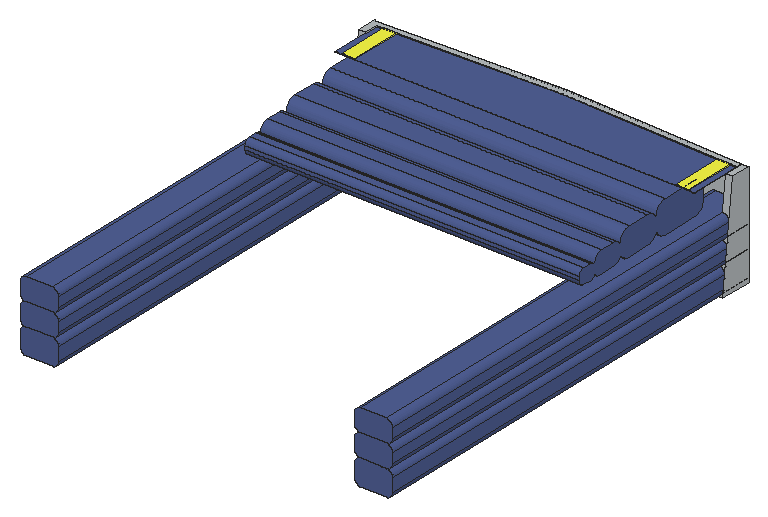
Revit family "DockEquipment_DockSeal_SuperSeal_V", category Generic Models, Revit 2011
Parameters
  offset [instance] = 0' - 10 3/4"
  Warranty Duration (Years) = 0
  Unit Width [instance] = Clear Width + (Bumper Width * 2)  # 9' - 4"
  Unit Height [instance] = Clear Height + 1' 8"  # 11' - 8"
  Unit Depth = if(Bags = 1, Depth1, if(Bags = 2, Depth1 + Depth2, Depth1 + Depth2 + Depth3))  # 1' - 10"
  URL = "http://www.supersealmfg.com/"
  Specification = ""
  SpecWizard = ""
  Send Message = "http://www.arcat.com/users.pl?action=UserEmail&company=Super-Seal%20Mfg.%20Ltd&coid=44693&rep=119&fax=905-850-4440 &mf="
  Sales Information = "http://www.supersealmfg.com/ContactUs.htm"
  Revision = "R1_07-2011"
  Product Properties = ""
  Product Data = "http://arcat.com/arcatcos/cos44/arc44693.html?isac=1&r=1"
  Hood Material = Metal - Steel - Super Seal - Galvanized
  Depth3 = 0' - 7"  # constant formula
  Depth2 = if(Bags = 2, 0' 9", 0' 7")  # 0' - 7"
  Depth1 = if(Bags = 1, 1' 2", if(Bags = 2, 0' 9", 0' 8"))  # 0' - 8"
  Bumper Width = 0' - 8"
  Model = "As Specified"
  Material = Plastic - Vinyl - Super Seal - Blue
  Manufacturer Website = "http://www.supersealmfg.com/"
  Manufacturer Phone - Toll Free = "800-337-3239 "
  Manufacturer Phone = "800-337-3239 "
  Manufacturer Fax = "905-850-4440 "
  Manufacturer Address = "670 Rowntree Dairy Rd. Woodbridge , ON, Canada L4L-5T8"
  Manufacturer = "Super-Seal Mfg. Ltd"
  Maintenance Schedule (Months) = 0
  Keynote = ""
  Installation-Fabrication = ""
  Installation Phase = ""
  Green Building-LEED = ""
  Expected Lifespan (Years) = 0
  Drawn By = "Sumex Design, Inc. / Robert S. Weygant, CSI, CDT, SCIP"
  Description = "Super Seal"
  Default Elevation = 4' - 0"
  Copyright = "©Arcat Inc."
  Construction Details = "http://arcat.com/details/supersea/supersea.html?coid=44693"
  Clear Width [instance] = 8' - 0"
  Clear Height [instance] = 10' - 0"
  Bags = 3
  Assembly Code = ""
  3rd Bumper = Bags > 2  # yes
  2nd Bumper = Bags > 1  # yes
Reference planes (in)
  plane 1 "Center (Front/Back)": y = 0
  plane 2 "Bottom": z = 0
  plane 3 "Center (Left/Right)": x = 0
  plane 4 "Front": y = -64
  plane 5 "Left": x = -56
  plane 6 "Right": x = 56
  plane 7 "Top": z = 22
  plane 8: x = -48
  plane 9: x = 48
  plane 10: y = 56
  plane 11: y = 64
  plane 12: z = 8
  plane 13: z = 15
  plane 14: z = 22
  plane 15: z = 32
  plane 16: y = 46
  plane 17: y = 32
  plane 18: y = 22
  plane 19: x = -52
  plane 20: x = 52
  plane 21: y = 74
  plane 22: y = 76
  plane 23: y = 16
Forms (in)
  Sweep 1, solid, material "Plastic - Vinyl - Super Seal - Blue" <- "Material"
    path origin (0, 0, 0) x (1, 0, 0) y (0, 1, 0)
      loop
        line (-48, -64) -> (-48, 74)
    profile origin (-48, 5, 0) x (-1, 0, 0) y (0, 0, 1)
      loop
        arc (-2, 2) -> (-1.41421, 0.58579) -> (0, 0) r 2
        line (0, 0) -> (8, 0)
        arc (8, 0) -> (9.41421, 0.58579) -> (10, 2) r 2
        line (10, 2) -> (10, 6)
        arc (10, 6) -> (9.41421, 7.41421) -> (8, 8) r 2
        line (8, 8) -> (0, 8)
        arc (0, 8) -> (-1.41421, 7.41421) -> (-2, 6) r 2
        line (-2, 6) -> (-2, 2)
  Sweep 2, solid, material "Plastic - Vinyl - Super Seal - Blue" <- "Material", visible <- "2nd Bumper"
    path origin (0, 0, 0) x (1, 0, 0) y (0, 1, 0)
      loop
        line (-48, -64) -> (-48, 74)
    profile origin (-48, 5, 0) x (-1, 0, 0) y (0, 0, 1)
      loop
        arc (-2, 10) -> (-1.41421, 8.58579) -> (0, 8) r 2
        line (0, 8) -> (8, 8)
        arc (8, 8) -> (9.41421, 8.58579) -> (10, 10) r 2
        line (10, 10) -> (10, 13)
        arc (10, 13) -> (9.41421, 14.41421) -> (8, 15) r 2
        line (8, 15) -> (0, 15)
        arc (0, 15) -> (-1.41421, 14.41421) -> (-2, 13) r 2
        line (-2, 13) -> (-2, 10)
  Sweep 3, solid, material "Plastic - Vinyl - Super Seal - Blue" <- "Material", visible <- "3rd Bumper"
    path origin (0, 0, 0) x (1, 0, 0) y (0, 1, 0)
      loop
        line (-48, -64) -> (-48, 74)
    profile origin (-48, 5, 0) x (-1, 0, 0) y (0, 0, 1)
      loop
        arc (-2, 17) -> (-1.41421, 15.58579) -> (0, 15) r 2
        line (0, 15) -> (8, 15)
        arc (8, 15) -> (9.41421, 15.58579) -> (10, 17) r 2
        line (10, 17) -> (10, 20)
        arc (10, 20) -> (9.41421, 21.41421) -> (8, 22) r 2
        line (8, 22) -> (0, 22)
        arc (0, 22) -> (-1.41421, 21.41421) -> (-2, 20) r 2
        line (-2, 20) -> (-2, 17)
  Sweep 4, solid, material "Plastic - Vinyl - Super Seal - Blue" <- "Material"
    path origin (0, 0, 0) x (-1, 0, 0) y (0, 1, 0)
      loop
        line (-48, -64) -> (-48, 74)
    profile origin (48, 5, 0) x (-1, 0, 0) y (0, 0, 1)
      loop
        line (2, 2) -> (2, 6)
        arc (2, 6) -> (1.41421, 7.41421) -> (0, 8) r 2
        line (0, 8) -> (-8, 8)
        arc (-8, 8) -> (-9.41421, 7.41421) -> (-10, 6) r 2
        line (-10, 6) -> (-10, 2)
        arc (-10, 2) -> (-9.41421, 0.58579) -> (-8, 0) r 2
        line (-8, 0) -> (0, 0)
        arc (0, 0) -> (1.41421, 0.58579) -> (2, 2) r 2
  Sweep 5, solid, material "Plastic - Vinyl - Super Seal - Blue" <- "Material", visible <- "2nd Bumper"
    path origin (0, 0, 0) x (-1, 0, 0) y (0, 1, 0)
      loop
        line (-48, -64) -> (-48, 74)
    profile origin (48, 5, 0) x (-1, 0, 0) y (0, 0, 1)
      loop
        line (2, 10) -> (2, 13)
        arc (2, 13) -> (1.41421, 14.41421) -> (0, 15) r 2
        line (0, 15) -> (-8, 15)
        arc (-8, 15) -> (-9.41421, 14.41421) -> (-10, 13) r 2
        line (-10, 13) -> (-10, 10)
        arc (-10, 10) -> (-9.41421, 8.58579) -> (-8, 8) r 2
        line (-8, 8) -> (0, 8)
        arc (0, 8) -> (1.41421, 8.58579) -> (2, 10) r 2
  Sweep 6, solid, material "Plastic - Vinyl - Super Seal - Blue" <- "Material", visible <- "3rd Bumper"
    path origin (0, 0, 0) x (-1, 0, 0) y (0, 1, 0)
      loop
        line (-48, -64) -> (-48, 74)
    profile origin (48, 5, 0) x (-1, 0, 0) y (0, 0, 1)
      loop
        line (2, 17) -> (2, 20)
        arc (2, 20) -> (1.41421, 21.41421) -> (0, 22) r 2
        line (0, 22) -> (-8, 22)
        arc (-8, 22) -> (-9.41421, 21.41421) -> (-10, 20) r 2
        line (-10, 20) -> (-10, 17)
        arc (-10, 17) -> (-9.41421, 15.58579) -> (-8, 15) r 2
        line (-8, 15) -> (0, 15)
        arc (0, 15) -> (1.41421, 15.58579) -> (2, 17) r 2
  Extrusion 7, solid, material "Plastic - Vinyl - Super Seal - Blue" <- "Material"
    sketch origin (-52, 89.32405, 48) x (0, 1, 0) y (0, 0, 1)
      loop
        line (-28.69905, -16) -> (-39.94905, -16)
        arc (-39.94905, -16) -> (-42.33554, -16.98851) -> (-43.32405, -19.375) r 3.375
        line (-43.32405, -19.375) -> (-43.32405, -20.875)
        arc (-43.32405, -20.875) -> (-44.31256, -18.48851) -> (-46.69905, -17.5) r 3.375
        line (-46.69905, -17.5) -> (-53.94905, -17.5)
        arc (-53.94905, -17.5) -> (-56.33554, -18.48851) -> (-57.32405, -20.875) r 3.375
        line (-57.32405, -20.875) -> (-57.32405, -22.25)
        arc (-57.32405, -22.25) -> (-58.12951, -20.30546) -> (-60.07405, -19.5) r 2.75
        line (-60.07405, -19.5) -> (-64.57405, -19.5)
        arc (-64.57405, -19.5) -> (-66.51859, -20.30546) -> (-67.32405, -22.25) r 2.75
        line (-67.32405, -22.25) -> (-67.32405, -23.25)
        arc (-67.32405, -23.25) -> (-67.83661, -22.01256) -> (-69.07405, -21.5) r 1.75
        line (-69.07405, -21.5) -> (-71.57405, -21.5)
        arc (-71.57405, -21.5) -> (-72.81149, -22.01256) -> (-73.32405, -23.25) r 1.75
        line (-73.32405, -23.25) -> (-73.32405, -24.25)
        arc (-73.32405, -24.25) -> (-72.81149, -25.48744) -> (-71.57405, -26) r 1.75
        line (-71.57405, -26) -> (-69.07405, -26)
        arc (-69.07405, -26) -> (-67.83661, -25.48744) -> (-67.32405, -24.25) r 1.75
        arc (-67.32405, -24.25) -> (-66.81149, -25.48744) -> (-65.57405, -26) r 1.75
        line (-65.57405, -26) -> (-60.07405, -26)
        arc (-60.07405, -26) -> (-58.12951, -25.19454) -> (-57.32405, -23.25) r 2.75
        arc (-57.32405, -23.25) -> (-56.51859, -25.19454) -> (-54.57405, -26) r 2.75
        line (-54.57405, -26) -> (-46.69905, -26)
        arc (-46.69905, -26) -> (-44.31256, -25.01149) -> (-43.32405, -22.625) r 3.375
        arc (-43.32405, -22.625) -> (-42.33554, -25.01149) -> (-39.94905, -26) r 3.375
        line (-39.94905, -26) -> (-28.69905, -26)
        arc (-28.69905, -26) -> (-26.31256, -25.01149) -> (-25.32405, -22.625) r 3.375
        line (-25.32405, -22.625) -> (-25.32405, -19.375)
        arc (-25.32405, -19.375) -> (-26.31256, -16.98851) -> (-28.69905, -16) r 3.375
    from 0 to 104
  Sweep 8, solid, material "Metal - Steel - Super Seal - Galvanized" <- "Hood Material"
    path origin (0, 0, 0) x (1, 0, 0) y (0, 1, 0)
      loop
        line (-58, 74) -> (0, 76) -> (58, 74)
    profile origin (-29, 75, 0) x (-0.034462, 0.999406, 0) y (0, 0, 1)
      loop
        line (0, 0) -> (0, 32.25) -> (-2, 32.25) -> (-2, 32.125) -> (-0.125, 32.125) -> (-0.125, 0) -> (0, 0)
  Extrusion 9, solid, material "Metal - Steel - Super Seal - Galvanized" <- "Hood Material"
    sketch origin (-56, 16.34522, 48) x (0, 1, 0) y (0, 0, 1)
      loop
        line (47.65478, -48) -> (57.65478, -48) -> (57.65478, -15.75) -> (51.65478, -15.75) -> (47.65478, -48)
    from -2.125 to 0
  Extrusion 10, solid, material "Metal - Steel - Super Seal - Galvanized" <- "Hood Material"
    sketch origin (56, 16.34522, 48) x (0, 1, 0) y (0, 0, 1)
      loop
        line (47.65478, -48) -> (57.65478, -48) -> (57.65478, -15.75) -> (51.65478, -15.75) -> (47.65478, -48)
    from 0 to 2.125
  Extrusion 11, solid, material "Plastic - Vinyl - Super Seal - Blue" <- "Material"
    sketch origin (0, 90.99678, 32) x (0, 1, 0) y (-1, 0, 0)
      loop
        line (-34.99678, 56) -> (-34.99678, -56) -> (-17.12184, -56) -> (-15.12184, 0) -> (-17.12184, 56) -> (-34.99678, 56)
    from 0 to 0.125
  Sweep 12, solid, material "Plastic - Vinyl - Super Seal - Yellow"
    path origin (0, 90.99678, 32) x (0, 1, 0) y (-1, 0, 0)
      loop
        line (-34.99678, 52) -> (-18.69328, 52)
    profile origin (-52, 64.15175, 32) x (-1, 0, 0) y (0, 0, 1)
      loop
        line (2, 0.125) -> (2, 0.25) -> (-2, 0.25) -> (-2, 0.125) -> (2, 0.125)
  Sweep 13, solid, material "Plastic - Vinyl - Super Seal - Yellow"
    path origin (0, 90.99678, 32) x (0, 1, 0) y (-1, 0, 0)
      loop
        line (-34.99678, -52) -> (-18.69328, -52)
    profile origin (52, 64.15175, 32) x (-1, 0, 0) y (0, 0, 1)
      loop
        line (-2, 0.125) -> (2, 0.125) -> (2, 0.25) -> (-2, 0.25) -> (-2, 0.125)
Cuts and joins
  joined: Sweep 8, Extrusion 9, Extrusion 10
Dimensions and locks (in)
  equal spacing: plane 5 "Left", plane 3 "Center (Left/Right)", plane 6 "Right"
  "Unit Width": plane 5 "Left" to plane 6 "Right"
  equal spacing: plane 11, plane 1 "Center (Front/Back)", plane 4 "Front"
  "Unit Depth": plane 7 "Top" to level
  equal spacing: plane 8, plane 3 "Center (Left/Right)", plane 9
  "Clear Width": plane 8 to plane 9
  "Clear Height": plane 10 to plane 4 "Front"
  "Unit Height": plane 22 to plane 4 "Front"
  "Depth1": plane 12 to level
  "Depth2": plane 13 to plane 12
  "Depth3": plane 14 to plane 13
  locked: plane 15 to plane 7 "Top" at 10
  equal spacing: plane 9, plane 20, plane 6 "Right"
  equal spacing: plane 5 "Left", plane 19, plane 8
  locked: plane 11 to plane 16 at 18
  locked: plane 17 to plane 16 at 14
  locked: plane 18 to plane 17 at 10
  locked: plane 21 to plane 11 at 10
  locked: plane 22 to plane 21 at 2
  locked: Sweep 8 sketch curve to plane 15 at 0.25
  locked: Sweep 8 sketch curve to plane 15 at 0.125
  locked: plane 18 to plane 23 at 6
  locked: Sweep 3 sketch curve to plane 8 at 2
  locked: plane 5 "Left" to Sweep 3 sketch curve at 2
  locked: Sweep 2 sketch curve to plane 8 at 2
  locked: plane 5 "Left" to Sweep 2 sketch curve at 2
  locked: Sweep 1 sketch curve to plane 8 at 2
  locked: plane 5 "Left" to Sweep 1 sketch curve at 2
  locked: plane 9 to Sweep 6 sketch curve at 2
  locked: Sweep 6 sketch curve to plane 6 "Right" at 2
  locked: Sweep 5 sketch curve to plane 6 "Right" at 2
  locked: plane 9 to Sweep 5 sketch curve at 2
  locked: Sweep 4 sketch curve to plane 6 "Right" at 2
  locked: plane 9 to Sweep 4 sketch curve at 2
  aligned and locked: plane 13 to Sweep 2 sketch curve
  aligned and locked: Sweep 2 sketch curve to plane 12
  aligned and locked: plane 14 to Sweep 3 sketch curve
  aligned and locked: Sweep 3 sketch curve to plane 13
  aligned and locked: Sweep 4 sketch curve to plane 12
  aligned and locked: plane 12 to Sweep 5 sketch curve
  aligned and locked: Sweep 5 sketch curve to plane 13
  aligned and locked: plane 13 to Sweep 6 sketch curve
  aligned and locked: Sweep 6 sketch curve to plane 14
  aligned and locked: Extrusion 7 to plane 20
  aligned and locked: plane 12 to Sweep 1 sketch curve
  aligned and locked: plane 23 to Extrusion 7 sketch curve
  aligned and locked: Extrusion 11 to plane 10
  aligned and locked: plane 10 to Sweep 12 sketch curve
  aligned and locked: plane 10 to Sweep 13 sketch curve
Automatic sketch dimensions
  Sweep 1 sketch curve to plane 8 = 0' - 0"
  Sweep 1 sketch curve to plane 4 "Front" = 0' - 0"
  Sweep 1 sketch curve to plane 21 = 0' - 0"
  Sweep 2 sketch curve to plane 8 = 0' - 0"
  Sweep 2 sketch curve to plane 4 "Front" = 0' - 0"
  Sweep 2 sketch curve to plane 21 = 0' - 0"
  Sweep 2 sketch curve to profile plane = 0' - 0"  (x2)
  Sweep 2 sketch curve to Sweep 2 sketch curve = 0' - 2"
  Sweep 2 sketch curve to Sweep 2 sketch curve = 0' - 0"
  Sweep 3 sketch curve to plane 8 = 0' - 0"
  Sweep 3 sketch curve to plane 4 "Front" = 0' - 0"
  Sweep 3 sketch curve to plane 21 = 0' - 0"
  Sweep 3 sketch curve to profile plane = 0' - 0"  (x2)
  Sweep 3 sketch curve to Sweep 3 sketch curve = 0' - 2"
  Sweep 3 sketch curve to Sweep 3 sketch curve = 0' - 0"
  Sweep 4 sketch curve to plane 9 = 0' - 0"
  Sweep 4 sketch curve to plane 4 "Front" = 0' - 0"
  Sweep 4 sketch curve to plane 21 = 0' - 0"
  Sweep 4 sketch curve to level = 0' - 0"
  profile plane to Sweep 4 sketch curve = 0' - 0"
  Sweep 4 sketch curve to Sweep 4 sketch curve = 0' - 0"  (x2)
  Sweep 4 sketch curve to Sweep 4 sketch curve = 0' - 2"
  Sweep 5 sketch curve to plane 9 = 0' - 0"
  Sweep 5 sketch curve to plane 4 "Front" = 0' - 0"
  Sweep 5 sketch curve to plane 21 = 0' - 0"
  profile plane to Sweep 5 sketch curve = 0' - 0"
  Sweep 5 sketch curve to Sweep 5 sketch curve = 0' - 0"  (x2)
  Sweep 5 sketch curve to Sweep 5 sketch curve = 0' - 2"
  Sweep 6 sketch curve to plane 9 = 0' - 0"
  Sweep 6 sketch curve to plane 4 "Front" = 0' - 0"
  Sweep 6 sketch curve to plane 21 = 0' - 0"
  Sweep 8 sketch curve to level = 0' - 0"
  Sweep 8 sketch curve to profile plane = 0' - 0"
  profile plane to Sweep 8 sketch curve = 0' - 0 1/8"
  Sweep 8 sketch curve to Sweep 8 sketch curve = 0' - 1 7/8"
  Extrusion 9 sketch curve to level = 0' - 0"
  Extrusion 9 sketch curve to plane 11 = 0' - 0"
  Extrusion 9 sketch curve to plane 21 = 0' - 0"
  plane 15 to Extrusion 9 sketch curve = 0' - 0 1/4"
  plane 11 to Extrusion 9 sketch curve = 0' - 4"
  Extrusion 10 sketch curve to level = 0' - 0"
  Extrusion 10 sketch curve to plane 11 = 0' - 0"
  Extrusion 10 sketch curve to plane 21 = 0' - 0"
  plane 15 to Extrusion 10 sketch curve = 0' - 0 1/4"
  plane 11 to Extrusion 10 sketch curve = 0' - 4"
  Extrusion 11 sketch curve to plane 5 "Left" = 0' - 0"
  Extrusion 11 sketch curve to plane 16 = 0' - 10"
  Extrusion 11 sketch curve to plane 6 "Right" = 0' - 0"
  Extrusion 11 sketch curve to plane 3 "Center (Left/Right)" = 0' - 0"
  Extrusion 11 sketch curve to plane 21 = 0' - 0.12505"  (x2)
  Extrusion 11 sketch curve to plane 22 = 0' - 0.12505"
  plane 15 to Sweep 12 sketch curve = 0' - 0 1/8"
  profile plane to Sweep 12 sketch curve = 0' - 2"
  plane 15 to Sweep 12 sketch curve = 0' - 0 1/4"
  Sweep 12 sketch curve to profile plane = 0' - 2"
  plane 15 to Sweep 13 sketch curve = 0' - 0 1/8"
  plane 15 to Sweep 13 sketch curve = 0' - 0 1/4"
  profile plane to Sweep 13 sketch curve = 0' - 2"
  Sweep 13 sketch curve to profile plane = 0' - 2"
  Sweep 1 sketch curve to level = 0' - 0"
  Sweep 1 sketch curve to profile plane = 0' - 0"  (x2)
  Sweep 1 sketch curve to Sweep 1 sketch curve = 0' - 0"
  Sweep 1 sketch curve to Sweep 1 sketch curve = 0' - 2"
  Extrusion 7 sketch curve to plane 7 "Top" = 0' - 0"  (x4)
  Extrusion 7 sketch curve to plane 18 = 0' - 0"  (x4)
  Extrusion 7 sketch curve to plane 17 = 0' - 0"  (x4)
  Extrusion 7 sketch curve to plane 16 = 0' - 0"  (x4)
  Extrusion 7 sketch curve to plane 15 = 0' - 0"
  Extrusion 7 sketch curve to plane 11 = 0' - 0"
  plane 7 "Top" to Extrusion 7 sketch curve = 0' - 1 3/4"
  plane 23 to Extrusion 7 sketch curve = 0' - 1 3/4"
  plane 18 to Extrusion 7 sketch curve = 0' - 1 3/4"
  Extrusion 7 sketch curve to Extrusion 7 sketch curve = 0' - 0"  (x5)
  Extrusion 7 sketch curve to plane 18 = 0' - 2 3/4"
  plane 17 to Extrusion 7 sketch curve = 0' - 2 3/4"  (x2)
  Extrusion 7 sketch curve to plane 15 = 0' - 1 1/2"
  Extrusion 7 sketch curve to plane 17 = 0' - 3 3/8"
  plane 16 to Extrusion 7 sketch curve = 0' - 3 3/8"  (x2)
  Extrusion 7 sketch curve to plane 16 = 0' - 3 3/8"
  Extrusion 7 sketch curve to plane 11 = 0' - 3 3/8"
  Extrusion 7 sketch curve to Extrusion 7 sketch curve = 0' - 1"
  Extrusion 7 sketch curve to Extrusion 7 sketch curve = 0' - 2"
  Sweep 6 sketch curve to Sweep 6 sketch curve = 0' - 2"  (x2)
  profile plane to Sweep 6 sketch curve = 0' - 0"  (x2)
  Sweep 8 sketch curve to plane 21 = 0' - 0"  (x2)
  Sweep 8 sketch curve to plane 3 "Center (Left/Right)" = 0' - 0"
  Sweep 8 sketch curve to plane 22 = 0' - 0"
  Sweep 8 sketch curve to plane 5 "Left" = 0' - 2"
  plane 6 "Right" to Sweep 8 sketch curve = 0' - 2"
  Sweep 12 sketch curve to plane 19 = 0' - 0"
  Sweep 12 sketch curve to plane 21 = 0' - 1.69649"
  Sweep 13 sketch curve to plane 20 = 0' - 0"
  Sweep 13 sketch curve to plane 21 = 0' - 1.69649"
